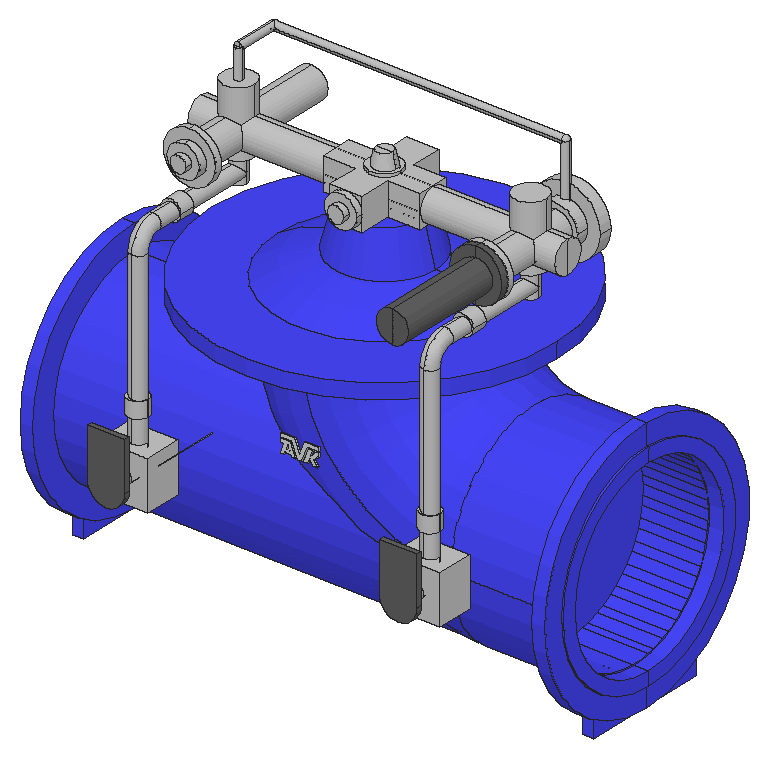
Revit family "859-001X-001 DN65-300", category Pipe Accessories, Revit 2022 (continued)
Types (42, lengths in mm): name | sweep_box2 | sweep_box1 | sweep_H1 | sweep_H | sweep_D | sweep_2 | sweep1 | sweep/2 | sweep | nut_dim | Wd2 | Wd1 | Sweep_R | L3 | dim1 | centre | W22 | W2 | W11 | W1 | W | Thickness1 | Thickness | Raised_dis | Raised_R | Nut_T | Nut_Dim2 | Nut_Dim1 | L | H4 | H33 | H3 | FL_T | D | DN | Control_dim7 | Control_dim6 | Control_dim5 | Control_dim4 | Control_dim3 | Control_dim2 | Control_dim1 | Conrol_dim. | Centre_nut | Centre_D1 | Centre_D | Bore2 | Bore1 | Bore | Bonnet_dim3 | Bonnet_dim2 | Bonnet_dim1_H1 | Bonnet_dim1_H | Bonnet_dim1 | Bonnet_dia | Bonnet_R | Bonnet_D1 | Bonnet_D | Bolt_Dia | Body_Rib_L | Body_H | Actuator_d | Actuator_L1 | Actuator_L
  DN200_PN16_Pilot range ( 0,3 - 1,5) | 11.375 | 29.25 | 51.958 | 251.225 | 17.5 | 4.375 | 8.75 | 4.375 | 21 | 88.5 | 203 | 194.88 | 13.125 | 204.435 | 81.2 | 156.312 | 162.4 | 203 | 148.4 | 203 | 194.25 | 14.4 | 12 | 3 | 18.92 | 16 | 7.434 | 29.575 | 600 | 66.092 | 33.046 | 534 | 20 | 147.5 | 200.4 | 40.645 | 30.108 | 25.09 | 159.3 | 9.293 | 55.755 | 18.585 | 105.315 | 33.75 | 36 | 45 | 160.32 | 120.24 | 100.2 | 46.463 | 61.95 | 276.348 | 37.113 | 123.9 | 203 | 185.85 | 177 | 88.5 | 22.75 | 73.75 | 177 | 48.774 | 82.215 | 91.35
  DN200_PN16_Pilot range ( 1,5 - 6) | 11.375 | 29.25 | 51.958 | 251.225 | 17.5 | 4.375 | 8.75 | 4.375 | 21 | 88.5 | 203 | 194.88 | 13.125 | 204.435 | 81.2 | 156.39 | 162.4 | 203 | 148.4 | 203 | 194.25 | 14.4 | 12 | 3 | 18.9 | 16 | 7.434 | 29.575 | 600 | 66.092 | 33.046 | 534 | 20 | 147.5 | 200.5 | 40.645 | 30.108 | 25.09 | 159.3 | 9.293 | 55.755 | 18.585 | 105.315 | 33.75 | 36 | 45 | 160.4 | 120.3 | 100.25 | 46.463 | 61.95 | 276.348 | 37.113 | 123.9 | 203 | 185.85 | 177 | 88.5 | 22.75 | 73.75 | 177 | 48.774 | 82.215 | 91.35
  DN200_PN16_Pilot range ( 5 - 11) | 11.375 | 29.25 | 51.958 | 251.225 | 17.5 | 4.375 | 8.75 | 4.375 | 21 | 88.5 | 203 | 194.88 | 13.125 | 204.435 | 81.2 | 156.546 | 162.4 | 203 | 148.4 | 203 | 194.25 | 14.4 | 12 | 3 | 18.86 | 16 | 7.434 | 29.575 | 600 | 66.092 | 33.046 | 534 | 20 | 147.5 | 200.7 | 40.645 | 30.108 | 25.09 | 159.3 | 9.293 | 55.755 | 18.585 | 105.315 | 33.75 | 36 | 45 | 160.56 | 120.42 | 100.35 | 46.463 | 61.95 | 276.348 | 37.113 | 123.9 | 203 | 185.85 | 177 | 88.5 | 22.75 | 73.75 | 177 | 48.774 | 82.215 | 91.35
  DN200_PN16_Pilot range ( 10 - 16) | 11.375 | 29.25 | 51.958 | 251.225 | 17.5 | 4.375 | 8.75 | 4.375 | 21 | 88.5 | 203 | 194.88 | 13.125 | 204.435 | 81.2 | 156.468 | 162.4 | 203 | 148.4 | 203 | 194.25 | 14.4 | 12 | 3 | 18.88 | 16 | 7.434 | 29.575 | 600 | 66.092 | 33.046 | 534 | 20 | 147.5 | 200.6 | 40.645 | 30.108 | 25.09 | 159.3 | 9.293 | 55.755 | 18.585 | 105.315 | 33.75 | 36 | 45 | 160.48 | 120.36 | 100.3 | 46.463 | 61.95 | 276.348 | 37.113 | 123.9 | 203 | 185.85 | 177 | 88.5 | 22.75 | 73.75 | 177 | 48.774 | 82.215 | 91.35
  DN250_PN10_Pilot range ( 0,3 - 1,5) | 13 | 32.5 | 66.343 | 307.775 | 20 | 5 | 10 | 5 | 24 | 106.5 | 253.5 | 243.84 | 15 | 246.015 | 101.6 | 195.078 | 203.2 | 254 | 187.2 | 254 | 244 | 15.84 | 13.2 | 3 | 20.98 | 17.6 | 8.946 | 33.8 | 730 | 80.968 | 40.484 | 651 | 22 | 177.5 | 250.1 | 48.912 | 36.231 | 30.193 | 191.7 | 11.182 | 67.095 | 22.365 | 126.735 | 37.5 | 40 | 50 | 200.08 | 150.06 | 125.05 | 55.912 | 74.55 | 338.553 | 47.388 | 149.1 | 253.5 | 223.65 | 213 | 106.5 | 26 | 88.75 | 213 | 58.695 | 102.87 | 114.3
  DN250_PN10_Pilot range ( 5 - 10) | 13 | 32.5 | 66.343 | 307.775 | 20 | 5 | 10 | 5 | 24 | 106.5 | 253.5 | 243.84 | 15 | 246.015 | 101.6 | 195.156 | 203.2 | 254 | 187.2 | 254 | 244 | 15.84 | 13.2 | 3 | 20.96 | 17.6 | 8.946 | 33.8 | 730 | 80.968 | 40.484 | 651 | 22 | 177.5 | 250.2 | 48.912 | 36.231 | 30.193 | 191.7 | 11.182 | 67.095 | 22.365 | 126.735 | 37.5 | 40 | 50 | 200.16 | 150.12 | 125.1 | 55.912 | 74.55 | 338.553 | 47.388 | 149.1 | 253.5 | 223.65 | 213 | 106.5 | 26 | 88.75 | 213 | 58.695 | 102.87 | 114.3
  DN250_PN10_Pilot range ( 1,5 - 6) | 13 | 32.5 | 66.343 | 307.775 | 20 | 5 | 10 | 5 | 24 | 106.5 | 253.5 | 243.84 | 15 | 246.015 | 101.6 | 195.234 | 203.2 | 254 | 187.2 | 254 | 244 | 15.84 | 13.2 | 3 | 20.94 | 17.6 | 8.946 | 33.8 | 730 | 80.968 | 40.484 | 651 | 22 | 177.5 | 250.3 | 48.912 | 36.231 | 30.193 | 191.7 | 11.182 | 67.095 | 22.365 | 126.735 | 37.5 | 40 | 50 | 200.24 | 150.18 | 125.15 | 55.912 | 74.55 | 338.553 | 47.388 | 149.1 | 253.5 | 223.65 | 213 | 106.5 | 26 | 88.75 | 213 | 58.695 | 102.87 | 114.3
  DN250_PN16_Pilot range ( 0,3 - 1,5) | 13 | 32.5 | 66.343 | 307.775 | 20 | 5 | 10 | 5 | 24 | 106.5 | 253.5 | 243.84 | 15 | 246.015 | 101.6 | 195.312 | 203.2 | 254 | 187.2 | 254 | 244 | 15.84 | 13.2 | 3 | 20.92 | 17.6 | 8.946 | 33.8 | 730 | 80.968 | 40.484 | 651 | 22 | 177.5 | 250.4 | 48.912 | 36.231 | 30.193 | 191.7 | 11.182 | 67.095 | 22.365 | 126.735 | 37.5 | 40 | 50 | 200.32 | 150.24 | 125.2 | 55.912 | 74.55 | 338.553 | 47.388 | 149.1 | 253.5 | 223.65 | 213 | 106.5 | 26 | 88.75 | 213 | 58.695 | 102.87 | 114.3
  DN250_PN16_Pilot range ( 5 - 11) | 13 | 32.5 | 66.343 | 307.775 | 20 | 5 | 10 | 5 | 24 | 106.5 | 253.5 | 243.84 | 15 | 246.015 | 101.6 | 195.468 | 203.2 | 254 | 187.2 | 254 | 244 | 15.84 | 13.2 | 3 | 20.88 | 17.6 | 8.946 | 33.8 | 730 | 80.968 | 40.484 | 651 | 22 | 177.5 | 250.6 | 48.912 | 36.231 | 30.193 | 191.7 | 11.182 | 67.095 | 22.365 | 126.735 | 37.5 | 40 | 50 | 200.48 | 150.36 | 125.3 | 55.912 | 74.55 | 338.553 | 47.388 | 149.1 | 253.5 | 223.65 | 213 | 106.5 | 26 | 88.75 | 213 | 58.695 | 102.87 | 114.3
  DN250_PN16_Pilot range ( 10 - 16) | 13 | 32.5 | 66.343 | 307.775 | 20 | 5 | 10 | 5 | 24 | 106.5 | 253.5 | 243.84 | 15 | 246.015 | 101.6 | 195.468 | 203.2 | 254 | 187.2 | 254 | 244 | 15.84 | 13.2 | 3 | 20.88 | 17.6 | 8.946 | 33.8 | 730 | 80.968 | 40.484 | 651 | 22 | 177.5 | 250.6 | 48.912 | 36.231 | 30.193 | 191.7 | 11.182 | 67.095 | 22.365 | 126.735 | 37.5 | 40 | 50 | 200.48 | 150.36 | 125.3 | 55.912 | 74.55 | 338.553 | 47.388 | 149.1 | 253.5 | 223.65 | 213 | 106.5 | 26 | 88.75 | 213 | 58.695 | 102.87 | 114.3
  DN250_PN16_Pilot range ( 1,5 - 6) | 13 | 32.5 | 66.343 | 307.775 | 20 | 5 | 10 | 5 | 24 | 106.5 | 253.5 | 243.84 | 15 | 246.015 | 101.6 | 195.39 | 203.2 | 254 | 187.2 | 254 | 244 | 15.84 | 13.2 | 3 | 20.9 | 17.6 | 8.946 | 33.8 | 730 | 80.968 | 40.484 | 651 | 22 | 177.5 | 250.5 | 48.912 | 36.231 | 30.193 | 191.7 | 11.182 | 67.095 | 22.365 | 126.735 | 37.5 | 40 | 50 | 200.4 | 150.3 | 125.25 | 55.912 | 74.55 | 338.553 | 47.388 | 149.1 | 253.5 | 223.65 | 213 | 106.5 | 26 | 88.75 | 213 | 58.695 | 102.87 | 114.3
  DN300_PN10_Pilot range ( 0,3 - 1,5) | 16.25 | 39 | 65.765 | 339.95 | 25 | 6.25 | 12.5 | 6.25 | 30 | 123 | 277 | 265.92 | 18.75 | 284.13 | 110.8 | 234.078 | 221.6 | 277 | 201.6 | 277 | 264.5 | 17.64 | 14.7 | 4 | 21.98 | 19.6 | 10.332 | 42.25 | 850 | 89.433 | 44.716 | 728 | 24.5 | 205 | 300.1 | 56.49 | 41.845 | 34.871 | 221.4 | 12.915 | 77.49 | 25.83 | 146.37 | 45 | 48 | 60 | 240.08 | 180.06 | 150.05 | 64.575 | 86.1 | 373.945 | 46.975 | 172.2 | 277 | 258.3 | 246 | 123 | 32.5 | 102.5 | 246 | 67.788 | 112.185 | 124.65
  DN300_PN10_Pilot range ( 1,5 - 6) | 16.25 | 39 | 65.765 | 339.95 | 25 | 6.25 | 12.5 | 6.25 | 30 | 123 | 277 | 265.92 | 18.75 | 284.13 | 110.8 | 234.156 | 221.6 | 277 | 201.6 | 277 | 264.5 | 17.64 | 14.7 | 4 | 21.96 | 19.6 | 10.332 | 42.25 | 850 | 89.433 | 44.716 | 728 | 24.5 | 205 | 300.2 | 56.49 | 41.845 | 34.871 | 221.4 | 12.915 | 77.49 | 25.83 | 146.37 | 45 | 48 | 60 | 240.16 | 180.12 | 150.1 | 64.575 | 86.1 | 373.945 | 46.975 | 172.2 | 277 | 258.3 | 246 | 123 | 32.5 | 102.5 | 246 | 67.788 | 112.185 | 124.65
  DN300_PN10_Pilot range ( 5 - 10) | 16.25 | 39 | 65.765 | 339.95 | 25 | 6.25 | 12.5 | 6.25 | 30 | 123 | 277 | 265.92 | 18.75 | 284.13 | 110.8 | 234.234 | 221.6 | 277 | 201.6 | 277 | 264.5 | 17.64 | 14.7 | 4 | 21.94 | 19.6 | 10.332 | 42.25 | 850 | 89.433 | 44.716 | 728 | 24.5 | 205 | 300.3 | 56.49 | 41.845 | 34.871 | 221.4 | 12.915 | 77.49 | 25.83 | 146.37 | 45 | 48 | 60 | 240.24 | 180.18 | 150.15 | 64.575 | 86.1 | 373.945 | 46.975 | 172.2 | 277 | 258.3 | 246 | 123 | 32.5 | 102.5 | 246 | 67.788 | 112.185 | 124.65
  DN300_PN16_Pilot range ( 0,3 - 1,5) | 16.25 | 39 | 65.765 | 339.95 | 25 | 6.25 | 12.5 | 6.25 | 30 | 123 | 277 | 265.92 | 18.75 | 284.13 | 110.8 | 234.312 | 221.6 | 277 | 201.6 | 277 | 264.5 | 17.64 | 14.7 | 4 | 21.92 | 19.6 | 10.332 | 42.25 | 850 | 89.433 | 44.716 | 728 | 24.5 | 205 | 300.4 | 56.49 | 41.845 | 34.871 | 221.4 | 12.915 | 77.49 | 25.83 | 146.37 | 45 | 48 | 60 | 240.32 | 180.24 | 150.2 | 64.575 | 86.1 | 373.945 | 46.975 | 172.2 | 277 | 258.3 | 246 | 123 | 32.5 | 102.5 | 246 | 67.788 | 112.185 | 124.65
  DN300_PN16_Pilot range ( 1,5 - 6) | 16.25 | 39 | 65.765 | 339.95 | 25 | 6.25 | 12.5 | 6.25 | 30 | 123 | 277 | 265.92 | 18.75 | 284.13 | 110.8 | 234.468 | 221.6 | 277 | 201.6 | 277 | 264.5 | 17.64 | 14.7 | 4 | 21.88 | 19.6 | 10.332 | 42.25 | 850 | 89.433 | 44.716 | 728 | 24.5 | 205 | 300.6 | 56.49 | 41.845 | 34.871 | 221.4 | 12.915 | 77.49 | 25.83 | 146.37 | 45 | 48 | 60 | 240.48 | 180.36 | 150.3 | 64.575 | 86.1 | 373.945 | 46.975 | 172.2 | 277 | 258.3 | 246 | 123 | 32.5 | 102.5 | 246 | 67.788 | 112.185 | 124.65
  DN300_PN16_Pilot range ( 5 - 11) | 16.25 | 39 | 65.765 | 339.95 | 25 | 6.25 | 12.5 | 6.25 | 30 | 123 | 277 | 265.92 | 18.75 | 284.13 | 110.8 | 234.546 | 221.6 | 277 | 201.6 | 277 | 264.5 | 17.64 | 14.7 | 4 | 21.86 | 19.6 | 10.332 | 42.25 | 850 | 89.433 | 44.716 | 728 | 24.5 | 205 | 300.7 | 56.49 | 41.845 | 34.871 | 221.4 | 12.915 | 77.49 | 25.83 | 146.37 | 45 | 48 | 60 | 240.56 | 180.42 | 150.35 | 64.575 | 86.1 | 373.945 | 46.975 | 172.2 | 277 | 258.3 | 246 | 123 | 32.5 | 102.5 | 246 | 67.788 | 112.185 | 124.65
  DN300_PN16_Pilot range ( 10 - 16) | 13 | 32.5 | 66.343 | 307.775 | 20 | 5 | 10 | 5 | 24 | 106.5 | 253.5 | 243.84 | 15 | 246.015 | 101.6 | 195.468 | 203.2 | 254 | 187.2 | 254 | 244 | 15.84 | 13.2 | 3 | 20.88 | 17.6 | 8.946 | 33.8 | 730 | 80.968 | 40.484 | 651 | 22 | 177.5 | 250.6 | 48.912 | 36.231 | 30.193 | 191.7 | 11.182 | 67.095 | 22.365 | 126.735 | 37.5 | 40 | 50 | 200.48 | 150.36 | 125.3 | 55.912 | 74.55 | 338.553 | 47.388 | 149.1 | 253.5 | 223.65 | 213 | 106.5 | 26 | 88.75 | 213 | 58.695 | 102.87 | 114.3
